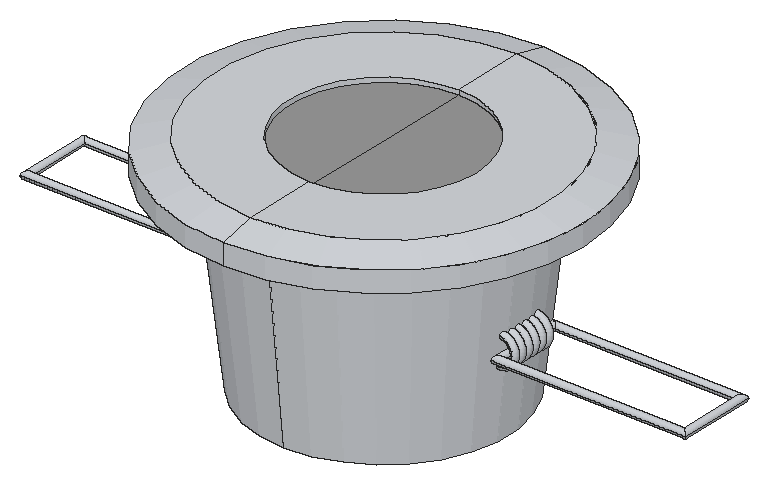
Revit family "0005365-4000K", category Lighting Fixtures, host Face, Revit 2018
Family settings
  Host = Face
  Round Connector Dimension = Use Diameter
  Part Type = Normal
  OmniClass Number = 23.80.70.00
  OmniClass Title = Lighting
  Cut with Voids When Loaded = No
  Light Source = Yes
  Shared = No
  Room Calculation Point = No
Parameters (values of type "0005365 OBICO 68 IP65 530LM 3CCT DIM ADJ CHR")
  Weight = "n/a"
  Wattage Comments = ""
  Wattage = 159.577 W
  WarrantyStartDate [instance] = "n/a"
  WarrantyGuarantorParts = "n/a"
  WarrantyDurationUnit = "n/a"
  WarrantyDurationParts = ""
  WarrantyDescription = "http://www.sylvania-lighting.com"
  built-in parameter 1150110 = 1 (stored number, unit not read)
  Voltage = 0 V
  URL = "0.8"
  TypeName = "OBICO 68 IP65 530lm 3CCT DIM ADJ BRUSHED CHROME"
  Type Image = <None>
  Type Comments = "n/a"
  built-in parameter 1114217 = 1 (stored number, unit not read)
  Tilt Angle = -90.00°
  built-in parameter 1150109 = 1 (stored number, unit not read)
  built-in parameter 1150134 = 12
  built-in parameter 1150113 = 1 (stored number, unit not read)
  SerialNumber [instance] = "n/a"
  Photometric Web File = "0005365-4000K.ies"
  Material_3_SYL = none
  PowerFactor = 0.9
  PowerConsumption = "Lighting"
  NominalLength = 117 mm
  NominalHeight = 54 mm
  NominalDepth = 96 mm
  Name = "OBICO 68 IP65 530lm 3CCT DIM ADJ BRUSHED CHROME"
  ModelReference = Name  # "OBICO 68 IP65 530lm 3CCT DIM ADJ BRUSHED CHROME"
  ModelNumber = "0005365"
  Model = Name  # "OBICO 68 IP65 530lm 3CCT DIM ADJ BRUSHED CHROME"
  Material = "Feilo Sylvania"
  ManufacturerName = "98 lm/W"
  Manufacturer = ""
  LuminousEfficacy = ""
  built-in parameter 1150105 = 23607.7 (stored number, unit not read)
  Lumens = 13404.5 lm
  LuminaireType = "0"
  built-in parameter 1150115 = 1 (stored number, unit not read)
  LightOutputRatio = "LED"
  built-in parameter 1150137 = (empty or 0)
  built-in parameter 1150139 = (empty or 0)
  LampsType = Lamp  # "n/a"
  LampNominalLuminous = "3000 K"
  LampMacAdamStep = "90"
  LampColourTemperature = "LED"
  LampColourRenderingIndex = "16500"
  built-in parameter 1150112 = 1 (stored number, unit not read)
  built-in parameter 1150114 = 1 (stored number, unit not read)
  Lamp = "n/a"
  Keynote = "n/a"
  InstallationDate [instance] = "n/a"
  InputVoltage = "0"
  InputNominalFrequency = "3000"
  built-in parameter 1150132 = (empty or 0)
  built-in parameter 1150102 = (empty or 0)
  built-in parameter 1150107 = 4000 (stored number, unit not read)
  built-in parameter 1150138 = (empty or 0)
  IngressProtection = "IfcLightFixtureType"
  ImpactProtectionIndex = "IfcLightFixtureType"
  built-in parameter 1150106 = 236.08 (stored number, unit not read)
  IfcExportType = "IfcLightFixtureType"
  IfcExportAs = "Class II"
  Emit from Circle Diameter = 609.6 mm
  Emit Shape Visible in Rendering = no
  ElectricShockClassification = "98"
  built-in parameter 1150104 = 7.8039 (stored number, unit not read)
  DocumentationLiterature = "http://www.sylvania-lighting.com/product/en-int/products/0005365"
  DimmingControlOptions = "n/a"
  Material_2_SYL = none
  Dimming Lamp Color Temperature Shift = <None>
  Description = ""
  Default Elevation = 1219.2 mm
  CreatedOn = "27/07/2022"
  CreatedBy = "@sylvania-lighting.com"
  Cost = 0
  Color Filter = 16777215
  built-in parameter 1114216 [instance] = (empty or 0)
  ClassificationValue = "EF_70_80"
  ClassificationName = "Uniclass2015"
  Material_1_SYL = Default
  BarCode [instance] = "n/a"
  built-in parameter 1114218 = 1 (stored number, unit not read)
  built-in parameter 1150133 = 10 (stored number, unit not read)
  AssetType = "Fixed"
  AssetIdentifier [instance] = "n/a"
  Assembly Code = "D5020200"
  Apparent Load = 5.4 VA
  Material_4_SYL = none
Reference planes
  plane 1 "Center (Front/Back)": y = 0
  plane 2: z = 0
  plane 3 "Center (Left/Right)": x = 0
  plane 4: y = -48
  plane 5: y = 48
  plane 6: z = 7
  plane 7: z = -4
  plane 8: z = -47
  plane 9: y = 40
  plane 10: y = -40
  plane 11: y = 30
  plane 12: y = -30
  plane 13: y = -35
  plane 14: y = 35
  plane 15: z = 5
  plane 16: y = 22.5
  plane 17: z = 6
Forms (mm)
  Revolve 1, solid, detail levels medium+fine
    sketch origin (0.25, 1524, 1219.2) x (0, 1, 0) y (0, 0, 1)
      loop
        line (-1524, -1214.2) -> (-1524, -1266.2) -> (-1494, -1266.2) -> (-1489, -1223.2) -> (-1489, -1219.2) -> (-1476, -1219.2) -> (-1476, -1214.2) -> (-1484, -1212.2) -> (-1501.5, -1212.2) -> (-1501.5, -1214.2) -> (-1524, -1214.2)
      axis (-1524, -1266.2) -> (-1524, -1212.2)
    angle from 360 to 0
  Revolve 2, solid, material "Glass, White, High Luminance", detail levels fine
    sketch origin (0.25, 1524, 1219.2) x (0, 1, 0) y (0, 0, 1)
      loop
        line (-1501.5, -1213.2) -> (-1524, -1213.2) -> (-1524, -1214.2) -> (-1501.5, -1214.2) -> (-1501.5, -1213.2)
      axis (-1524, -1214.2) -> (-1524, -1213.2)
    angle from 360 to 0
  Sweep 3, solid, detail levels fine
    path origin (-4.117, 0.46, 7.176) x (1, 0, 0) y (0, 1, 0)
      loop
        line (-75, 8.5) -> (-75, -8.5) -> (-30, -8.5) -> (-30, 8.5) -> (-75, 8.5)
    profile origin (-56.617, 8.96, 7.176) x (0, 1, 0) y (0, 0, 1)
      loop
        circle (0, -33.041) r 0.899
  Revolve 4, solid, detail levels fine
    sketch origin (-32.259, 1523.987, 1226.512) x (0, 1, 0) y (0, 0, 1)
      loop
        circle (-1518.723, -1248.745) r 0.801
      loop
        circle (-1520.733, -1248.823) r 0.801
      loop
        circle (-1522.743, -1248.823) r 0.801
      loop
        circle (-1524.772, -1248.823) r 0.801
      loop
        circle (-1526.817, -1248.823) r 0.801
      loop
        circle (-1528.846, -1248.823) r 0.801
      axis (-1529.647, -1252.2) -> (-1517.923, -1252.2)
    angle from -29.09 to 193.564
  Sweep 5, solid, detail levels fine
    path origin (4.117, 0.46, 7.176) x (-1, 0, 0) y (0, -1, 0)
      loop
        line (-75, -8.5) -> (-30, -8.5) -> (-30, 8.5) -> (-75, 8.5) -> (-75, -8.5)
    profile origin (56.617, 8.96, 7.176) x (0, -1, 0) y (0, 0, 1)
      loop
        circle (0, -33.041) r 0.899
  Revolve 6, solid, detail levels fine
    sketch origin (32.259, 1523.987, 1226.512) x (0, 1, 0) y (0, 0, -1)
      loop
        circle (-1518.723, 1248.745) r 0.801
      loop
        circle (-1520.733, 1248.823) r 0.801
      loop
        circle (-1522.743, 1248.823) r 0.801
      loop
        circle (-1524.772, 1248.823) r 0.801
      loop
        circle (-1526.817, 1248.823) r 0.801
      loop
        circle (-1528.846, 1248.823) r 0.801
      axis (-1529.647, 1252.2) -> (-1517.923, 1252.2)
    angle from -29.09 to 193.564
  Extrusion 7, solid, detail levels coarse
    sketch origin (319, 1524, 1219.2) x (0, 1, 0) y (0, 0, 1)
      loop
        line (-1476, -1212.2) -> (-1572, -1212.2) -> (-1572, -1266.2) -> (-1476, -1266.2) -> (-1476, -1212.2)
    from -399.02 to -238.976
Dimensions and locks
  aligned and locked: plane 2 to host face
  aligned and locked: level to host face
  aligned and locked: Revolve 2 sketch curve to plane 17
  aligned and locked: Revolve 2 sketch curve to plane 16
  aligned and locked: Revolve 2 sketch curve to Revolve 1
  aligned and locked: plane 1 "Center (Front/Back)" to Revolve 2 sketch curve
Connectors
  electrical at (0.25, -30, -47)
    settings: on Revolve 1, index 1, voltage 0 V, apparent load 0 VA, apparent load phase1 0 VA, apparent load phase2 0 VA, apparent load phase3 0 VA, power factor 1, load classification "Other", number of poles 1, system type 31, power factor state 1, is connector primary yes, connector utility no, sub classification motor no, connector description ""
